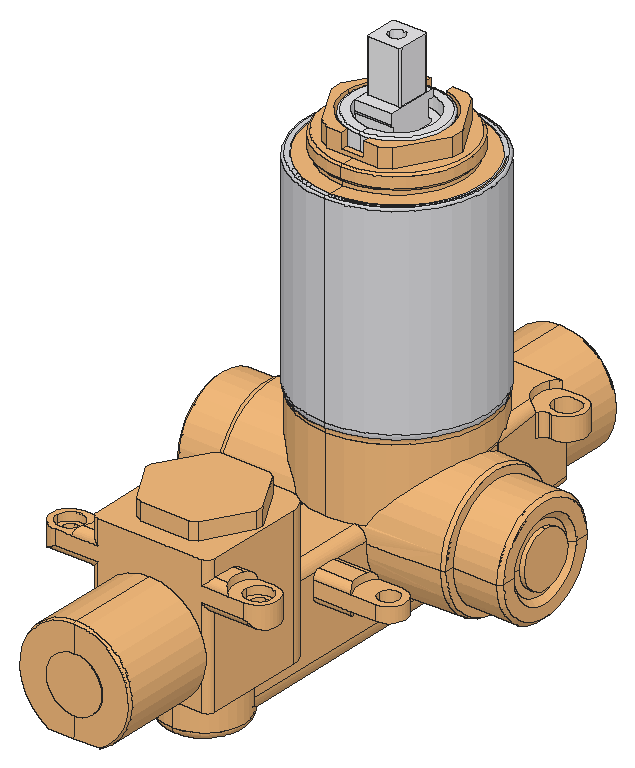
Revit family "Shower-Valve-KOHLER-Aqua_Turbo-K-880IN", category Plumbing Fixtures, host Face, Revit 2017
Family settings
  Host = Face
  Round Connector Dimension = Use Diameter
  Part Type = Normal
  OmniClass Number = 23.31.17.00
  OmniClass Title = Showers
  Cut with Voids When Loaded = No
  Shared = No
  Room Calculation Point = No
Parameters (values of type "CP- Polished Chrome")
  Width = 3 119/256"  # constant formula
  WaterSense Certified = 1 = 0  # no
  Waste Water Outlet = "Waste Water Outlet"  # constant formula
  Waste Connection = 1 = 0  # no
  Vent Connection = 1 = 0  # no
  URL = "https://www.kohler.co.in/"
  Type = 1
  Tempered watet outlet 1 = "Tempered watet outlet 1"  # constant formula
  Tempered water outlet 2 = "Tempered water outlet 2"  # constant formula
  Product Page URL = "https://www.kohler.co.in/product-detail/880in?skuid=K-880IN-CP"
  Product Name = "Aqua Turbo\r\n"  # constant formula
  Product Documentation Link = "http://resources.kohler.com/plumbing/kohlerindia/pdf/880.pdf"
  Pressure = 0.00 psi
  Model = if(Type = 1, "K-880IN-CP", if(Type = 2, "K-880IN-RGD", if(Type = 3, "K-880IN-BN", if(Type = 4, "K-880IN-BV", if(Type = 5, "K-880IN-AF", if(Type = 6, "K-880A-AF", "NA"))))))  # "K-880IN-CP"
  Material = "Premium Metal construction"  # constant formula
  Master Format 2014 Name = "Residential Showers"  # constant formula
  Master Format 2014 = "22 42 23"  # constant formula
  Manufacturer Address = "Ambience Office Tower NH-8 Gurgaon / Gurugram Haryana , 122001"  # constant formula
  Manufacturer = "KOHLER Co."  # constant formula
  Length = 5 3/8"  # constant formula
  Hot Water Inlet = "Hot Water Inlet"  # constant formula
  Height = 6 127/256"  # constant formula
  HW Connection = 1 = 1  # yes
  Flow Rate = 0 GPM
  Finish = Kohler-Metal-CP-Polished_Chrome
  Environmental Product Declaration = ""
  Drain Included = 1 = 0  # no
  Description = "Single-Control recessed shower only valve"  # constant formula
  Default Elevation = 42"
  Declare Label = ""
  Date Modified = "09/11/2020"  # constant formula
  Date Created = "09/11/2020"  # constant formula
  Copyright = "Copyright KOHLER Co."  # constant formula
  Contact Us = "https://www.kohler.co.in/contact-us"
  Cold Water Inlet = "Cold Water Inlet"  # constant formula
  CW Connection = 1 = 1  # yes
  Assembly Code = "D2010700"
  ADA Compliant = 1 = 0  # no
Reference planes (in)
  plane 1 "Center (Front/Back)": y = 0
  plane 2: z = 0
  plane 3 "Center (Left/Right)": x = 0
  plane 4: y = 2.20472
  plane 5: x = -1.73242
  plane 6: x = 1.73242
  plane 7: y = -2.55906
  plane 8: y = -4.29137
  plane 9: z = -2.46017
  plane 10: z = 2.87506
  plane 11: z = -1.43655
  plane 12: z = -2.49994
  plane 13: y = -0.18513
Forms (in)
  Extrusion 1, void
    sketch origin (0, 0, 0) x (0, 1, 0) y (0, 0, 1)
      loop
        line (2.20472, -0.49213) -> (-4.29137, -0.49213) -> (-4.29137, -2.5) -> (2.20472, -2.5) -> (2.20472, -0.49213)
    from -1.73228 to 1.73228
  Revolve 2, void
    sketch origin (0, 0, 0) x (1, 0, 0) y (0, 0, 1)
      loop
        line (0, 0.99418) -> (-0.96471, 0.99418) -> (-0.96471, -0.50899) -> (0, -0.50899) -> (0, 0.99418)
      axis (0, 0.99418) -> (0, -0.50899)
    angle from 0 to 360
  Extrusion 3, void
    sketch origin (0, 0, 0) x (1, 0, 0) y (0, 1, 0)
      loop
        arc (0.58917, -2.5974) -> (0.59045, -2.55906) -> (0.58917, -2.52071) r 0.57429
        line (0.58917, -2.52071) -> (0.32773, -2.06788)
        arc (0.32773, -2.06788) -> (0.29315, -2.04658) -> (0.25728, -2.02756) r 0.6267
        line (0.25728, -2.02756) -> (-0.25755, -2.02756)
        arc (-0.25755, -2.02756) -> (-0.29343, -2.04658) -> (-0.328, -2.06788) r 0.6267
        line (-0.328, -2.06788) -> (-0.58944, -2.52071)
        arc (-0.58944, -2.52071) -> (-0.59072, -2.55906) -> (-0.58944, -2.5974) r 0.57429
        line (-0.58944, -2.5974) -> (-0.328, -3.05023)
        arc (-0.328, -3.05023) -> (-0.29358, -3.07179) -> (-0.25755, -3.09055) r 0.51277
        line (-0.25755, -3.09055) -> (0.25728, -3.09055)
        arc (0.25728, -3.09055) -> (0.2933, -3.07179) -> (0.32773, -3.05023) r 0.51277
        line (0.32773, -3.05023) -> (0.58917, -2.5974)
    from -0.49213 to -0.24256
  Extrusion 4, void
    sketch origin (0, 0, 0) x (1, 0, 0) y (0, 1, 0)
      loop
        circle (-0.0012, 0.00049) r 0.97882
    from -0.49213 to 12
Dimensions and locks (in)
  host face to Extrusion 1 sketch curve = 2 1/2"
  "Height": plane 8 to plane 4
  equal spacing: plane 5, plane 3 "Center (Left/Right)", plane 6
  "Width": plane 5 to plane 6
  locked: plane 11 to plane 9 at 1.02362
  locked: level to plane 12 at 2.49994
  "Length": plane 10 to plane 12
  locked: plane 1 "Center (Front/Back)" to plane 7 at 2.55906
  aligned and locked: plane 2 to host face
  aligned and locked: level to host face
  aligned and locked: plane 4 to nested 1
  aligned and locked: plane 5 to nested 1
  aligned and locked: plane 6 to nested 1
  aligned and locked: plane 7 to nested 1
  aligned and locked: plane 8 to nested 1
  aligned and locked: plane 9 to nested 1
  aligned and locked: plane 10 to nested 1
  aligned and locked: plane 11 to nested 1
  aligned and locked: plane 12 to nested 1
Automatic sketch dimensions
  host sketch curve to host sketch curve = 96"  (x2)
  Extrusion 1 sketch curve to plane 8 = 0"
  Extrusion 1 sketch curve to plane 4 = 0"
  Extrusion 1 sketch curve to level = 0.49213"
  Revolve 2 sketch curve to plane 3 "Center (Left/Right)" = 0"  (x2)
  Revolve 2 sketch curve to plane 5 = 0.76771"
  Revolve 2 sketch curve to level = 0.50899"
  level to Revolve 2 sketch curve = 0.99418"
  Revolve 2 sketch curve to Revolve 2 sketch curve = 0.24418"
  Revolve 2 sketch curve to Revolve 2 sketch curve = 2.25582"
  plane 7 to Extrusion 3 sketch curve = 0"  (x2)
  Extrusion 3 sketch curve to plane 7 = 0.03835"  (x2)
  Extrusion 3 sketch curve to plane 3 "Center (Left/Right)" = 0.58944"
  plane 7 to Extrusion 3 sketch curve = 0.03835"  (x2)
  Extrusion 3 sketch curve to plane 3 "Center (Left/Right)" = 0.328"  (x2)
  Extrusion 3 sketch curve to Extrusion 3 sketch curve = 0.07045"  (x4)
  Extrusion 3 sketch curve to plane 3 "Center (Left/Right)" = 0.03888"
  Extrusion 3 sketch curve to plane 3 "Center (Left/Right)" = 0.01814"
  Extrusion 3 sketch curve to plane 3 "Center (Left/Right)" = 0.01643"
  plane 3 "Center (Left/Right)" to Extrusion 3 sketch curve = 0.01616"
  plane 3 "Center (Left/Right)" to Extrusion 3 sketch curve = 0.01786"
  plane 3 "Center (Left/Right)" to Extrusion 3 sketch curve = 0.0386"
  plane 3 "Center (Left/Right)" to Extrusion 3 sketch curve = 0.25728"  (x2)
  Extrusion 3 sketch curve to Extrusion 3 sketch curve = 0.26144"
  plane 7 to Extrusion 3 sketch curve = 0.06769"  (x2)
  plane 7 to Extrusion 3 sketch curve = 0.49118"
  plane 7 to Extrusion 3 sketch curve = 0.03145"  (x2)
  Extrusion 3 sketch curve to plane 7 = 0.49118"
  Extrusion 4 sketch curve to plane 1 "Center (Front/Back)" = 0.00049"
  Extrusion 4 sketch curve to plane 3 "Center (Left/Right)" = 0.0012"
  radius of Extrusion 4 sketch curve = 0.97882"
Nested families (in)
  nested 1: "K-880IN" at (-0.00014, -4.29134, -1.43655) x (1, 0, 0) z (0, 1, 0), type "K-880IN"
Connectors (in)
  piping at (-0.00014, -4.29134, -1.43655), diameter 0.5, driven by "Flow Rate", driven by "HW Connection", driven by "Tempered water outlet 2"
    settings: on nested 1, index 2, connector inside diameter 24", connector length 0", flow factor 0, pipe flow 0 GPM, pressure drop 0.00 psi, fitting loss kfactor 0, connector angle 0.00°, fixture units 0, engagement length 0", angle of deflection 0.00°, flow configuration 0, flow direction 2, fitting loss method 0, system type 19, joint type 0, gender type 0, connector reference index -1, connector utility 1, adjustable connector no, is connector primary yes, connector description "Tempered water outlet 2"
  piping at (-0.00014, 2.20472, -1.43655), diameter 0.5, driven by "Flow Rate", driven by "Tempered watet outlet 1", driven by "HW Connection"
    settings: on nested 1, index 3, connector inside diameter 24", connector length 0", flow factor 0, pipe flow 0 GPM, pressure drop 0.00 psi, fitting loss kfactor 0, connector angle 0.00°, fixture units 0, engagement length 0", angle of deflection 0.00°, flow configuration 0, flow direction 2, fitting loss method 0, system type 19, joint type 0, gender type 0, connector reference index -1, connector utility 1, adjustable connector no, is connector primary no, connector description "Tempered watet outlet 1"
  piping at (-1.73242, -0.18526, -1.43655), diameter 0.5, driven by "Flow Rate", driven by "HW Connection", driven by "Hot Water Inlet"
    settings: on nested 1, index 4, connector inside diameter 24", connector length 0", flow factor 0, pipe flow 0 GPM, pressure drop 0.00 psi, fitting loss kfactor 0, connector angle 0.00°, fixture units 0, engagement length 0", angle of deflection 0.00°, flow configuration 0, flow direction 1, fitting loss method 0, system type 19, joint type 0, gender type 0, connector reference index -1, connector utility 1, adjustable connector no, is connector primary no, connector description "Hot Water Inlet"
  piping at (1.73215, -0.18526, -1.43655), diameter 0.5, driven by "Flow Rate", driven by "CW Connection", driven by "Cold Water Inlet"
    settings: on nested 1, index 5, connector inside diameter 24", connector length 0", flow factor 0, pipe flow 0 GPM, pressure drop 0.00 psi, fitting loss kfactor 0, connector angle 0.00°, fixture units 0, engagement length 0", angle of deflection 0.00°, flow configuration 0, flow direction 1, fitting loss method 0, system type 20, joint type 0, gender type 0, connector reference index -1, connector utility 1, adjustable connector no, is connector primary no, connector description "Cold Water Inlet"
Definition of nested family "K-880IN"
  Parameters (values of type "K-880IN")
    Material = none
    Default Elevation = 48"
  Reference planes (in)
    plane 1 "Center (Front/Back)": y = 0
    plane 2: z = 0
    plane 3 "Center (Left/Right)": x = 0
    plane 4: z = 6.49606
    plane 5: x = 1.73228
    plane 6: x = -1.73228
    plane 7: y = 1.02362
    plane 8 "2": z = 4.29134
    plane 9: z = 1.73228
    plane 10: z = 1.73228
    plane 11: y = -4.31057
    plane 12: z = 0
    plane 13: y = 1.06339
    plane 14: z = 4.09449
  Forms (in)
    Revolve 1, solid, detail levels medium+fine
      sketch origin (0, 0, 0) x (0, 1, 0) y (0, 0, 1)
        loop
          line (0, 6.43701) -> (-0.3588, 6.43701) -> (-0.41785, 6.49606) -> (-0.55549, 6.49606) -> (-0.59055, 6.461) -> (-0.59055, 5.55118) -> (-0.63166, 5.55118) -> (-0.63166, 3.67118) -> (0, 3.67118) -> (0, 6.43701)
        axis (0, 6.49606) -> (0, 3.67118)
      angle from 0 to 360
    Revolve 2, solid, material <- "Material", detail levels medium+fine
      sketch origin (0, 0, 0) x (0, 1, 0) y (0, 0, 1)
        loop
          line (-3.11447, 4.29134) -> (-0.98258, 4.29134) -> (-0.98258, 5.24601)
          arc (-0.98258, 5.24601) -> (-1.00849, 5.25341) -> (-1.03532, 5.25591) r 0.14554
          line (-1.03532, 5.25591) -> (-3.16592, 5.25591)
          arc (-3.16592, 5.25591) -> (-3.1819, 5.24929) -> (-3.18852, 5.23331) r 0.0226
          line (-3.18852, 5.23331) -> (-3.18852, 5.18682) -> (-3.11447, 5.18682) -> (-3.11447, 4.29134)
        axis (-3.18852, 4.29134) -> (-0.98258, 4.29134)
      angle from 0 to 360
    Extrusion 3, solid, detail levels medium+fine
      sketch origin (0, 0, 0) x (1, 0, 0) y (0, 0, 1)
        loop
          arc (0.64674, 4.23043) -> (0.64964, 4.29134) -> (0.64674, 4.35225) r 0.64125
          line (0.64674, 4.35225) -> (0.37612, 4.82098)
          arc (0.37612, 4.82098) -> (0.3248, 4.85392) -> (0.27062, 4.88189) r 0.64924
          line (0.27062, 4.88189) -> (-0.27062, 4.88189)
          arc (-0.27062, 4.88189) -> (-0.3248, 4.85392) -> (-0.37612, 4.82098) r 0.64924
          line (-0.37612, 4.82098) -> (-0.64674, 4.35225)
          arc (-0.64674, 4.35225) -> (-0.64964, 4.29134) -> (-0.64674, 4.23043) r 0.64125
          line (-0.64674, 4.23043) -> (-0.37612, 3.7617)
          arc (-0.37612, 3.7617) -> (-0.32479, 3.72878) -> (-0.27062, 3.70079) r 0.65421
          line (-0.27062, 3.70079) -> (0.27062, 3.70079)
          arc (0.27062, 3.70079) -> (0.32479, 3.72878) -> (0.37612, 3.7617) r 0.65421
          line (0.37612, 3.7617) -> (0.64674, 4.23043)
        loop
          circle (0, 4.29134) r 0.52877
      from 3.37521 to 3.59403
    Extrusion 4, void, detail levels medium+fine
      sketch origin (0, 0, 0) x (1, 0, 0) y (0, 0, 1)
        loop
          line (-0.11811, 4.91623) -> (-0.11811, 4.79455)
          arc (-0.11811, 4.79455) -> (0, 4.80942) -> (0.11811, 4.79455) r 0.47636
          line (0.11811, 4.79455) -> (0.11811, 4.91623) -> (-0.11811, 4.91623)
        loop
          line (-0.11811, 3.66645) -> (0.11811, 3.66645) -> (0.11811, 3.78813)
          arc (0.11811, 3.78813) -> (0, 3.77326) -> (-0.11811, 3.78813) r 0.47636
          line (-0.11811, 3.78813) -> (-0.11811, 3.66645)
      from 3.43655 to 3.85598
    Extrusion 5, solid, detail levels medium+fine
      sketch origin (0, 0, 0) x (0, 1, 0) y (0, 0, 1)
        loop
          line (-3.52753, 4.45669) -> (-3.68065, 4.45669) -> (-3.68065, 4.50007)
          arc (-3.68065, 4.50007) -> (-3.68639, 4.51394) -> (-3.70026, 4.51969) r 0.01962
          line (-3.70026, 4.51969) -> (-3.75939, 4.51969) -> (-3.75939, 3.97244) -> (-3.65112, 3.97244)
          arc (-3.65112, 3.97244) -> (-3.63574, 3.97964) -> (-3.63143, 3.99606) r 0.02001
          line (-3.63143, 3.99606) -> (-3.44192, 3.99606) -> (-3.44192, 4.49507) -> (-3.48339, 4.49507) -> (-3.52753, 4.45669)
      from -0.19685 to 0.19685
    Extrusion 6, solid, detail levels medium+fine
      sketch origin (0, 0, 0) x (1, 0, 0) y (0, 0, 1)
        loop
          arc (0.17717, 4.44882) -> (0.1714, 4.46274) -> (0.15748, 4.4685) r 0.01969
          line (0.15748, 4.4685) -> (-0.15718, 4.4685)
          arc (-0.15718, 4.4685) -> (-0.17131, 4.46265) -> (-0.17717, 4.44852) r 0.01999
          line (-0.17717, 4.44852) -> (-0.17717, 4.13386)
          arc (-0.17717, 4.13386) -> (-0.1714, 4.11994) -> (-0.15748, 4.11417) r 0.01969
          line (-0.15748, 4.11417) -> (0.15748, 4.11417)
          arc (0.15748, 4.11417) -> (0.1714, 4.11994) -> (0.17717, 4.13386) r 0.01969
          line (0.17717, 4.13386) -> (0.17717, 4.44882)
      from 3.75939 to 4.31057
    Revolve 7, solid, detail levels medium+fine
      sketch origin (0, 0, 0) x (1, 0, 0) y (0, 0, 1)
        loop
          line (-1.67323, 4.09449) -> (1.67323, 4.09449) -> (1.67323, 4.45374) -> (1.73228, 4.5128) -> (1.73228, 4.64564) -> (1.69289, 4.68504) -> (1.22047, 4.68504) -> (1.22047, 4.76876)
          arc (1.22047, 4.76876) -> (1.19905, 4.78049) -> (1.17511, 4.78528) r 0.08072
          arc (1.17511, 4.78528) -> (0.00002, 4.81196) -> (-1.17507, 4.78528) r 25.88884
          arc (-1.17507, 4.78528) -> (-1.19901, 4.78054) -> (-1.22047, 4.76894) r 0.08163
          line (-1.22047, 4.76894) -> (-1.22047, 4.68505) -> (-1.69288, 4.68505) -> (-1.73228, 4.64564) -> (-1.73228, 4.5128) -> (-1.67323, 4.45374) -> (-1.67323, 4.09449)
        axis (1.73228, 4.09449) -> (-1.73228, 4.09449)
      angle from 0 to 360
    Extrusion 8, solid, detail levels medium+fine
      sketch origin (0, 0, 0) x (1, 0, 0) y (0, 1, 0)
        loop
          arc (-0.19685, 1.02362) -> (-0.33604, 0.96597) -> (-0.3937, 0.82677) r 0.19685
          line (-0.3937, 0.82677) -> (-0.3937, -0.01923)
          arc (-0.3937, -0.01923) -> (-0.35911, -0.10275) -> (-0.27559, -0.13734) r 0.11811
          line (-0.27559, -0.13734) -> (0.27559, -0.13734)
          arc (0.27559, -0.13734) -> (0.35911, -0.10275) -> (0.3937, -0.01923) r 0.11811
          line (0.3937, -0.01923) -> (0.3937, 0.82677)
          arc (0.3937, 0.82677) -> (0.33604, 0.96597) -> (0.19685, 1.02362) r 0.19685
          line (0.19685, 1.02362) -> (-0.19685, 1.02362)
      from 1.77559 to 5.55118
    Extrusion 9, void
      sketch origin (0, 0, 0) x (0, 1, 0) y (0, 0, 1)
        loop
          arc (0.62992, 5.55118) -> (0.90831, 5.43587) -> (1.02362, 5.15748) r 0.3937
          line (1.02362, 5.15748) -> (1.02362, 5.55118) -> (0.62992, 5.55118)
      from -2.00851 to 3.20253
    SweptBlend 10, solid, detail levels medium+fine
      path origin (0, 0, 0) x (1, 0, 0) y (0, 0, 1)
        loop
          line (0, 5.49213) -> (0, 4.31102)
      profile origin (0, 0, 5.49213) x (0, -1, 0) y (1, 0, 0)
        loop
          arc (0.68852, -0.83632) -> (0.7442, -0.81326) -> (0.76726, -0.75758) r 0.07874
          line (0.76726, -0.75758) -> (0.76726, 0.75758)
          arc (0.76726, 0.75758) -> (0.7442, 0.81326) -> (0.68852, 0.83632) r 0.07874
          line (0.68852, 0.83632) -> (-0.13854, 0.83632)
          arc (-0.13854, 0.83632) -> (-0.19401, 0.81334) -> (-0.21699, 0.75787) r 0.07845
          line (-0.21699, 0.75787) -> (-0.21699, 0.64422)
          arc (-0.21699, 0.64422) -> (-0.23124, 0.59283) -> (-0.26992, 0.55612) r 0.09977
          line (-0.26992, 0.55612) -> (-0.26992, -0.55612)
          arc (-0.26992, -0.55612) -> (-0.23124, -0.59283) -> (-0.21699, -0.64422) r 0.09977
          line (-0.21699, -0.64422) -> (-0.21699, -0.75787)
          arc (-0.21699, -0.75787) -> (-0.19401, -0.81334) -> (-0.13854, -0.83632) r 0.07845
          line (-0.13854, -0.83632) -> (0.68852, -0.83632)
      end profile origin (0, 0, 4.31102) x (0, -1, 0) y (1, 0, 0)
        loop
          arc (0.64915, -0.94488) -> (0.73267, -0.91029) -> (0.76726, -0.82677) r 0.11811
          line (0.76726, -0.82677) -> (0.76726, 0.82677)
          arc (0.76726, 0.82677) -> (0.73267, 0.91029) -> (0.64915, 0.94488) r 0.11811
          line (0.64915, 0.94488) -> (-0.13825, 0.94488)
          arc (-0.13825, 0.94488) -> (-0.19393, 0.92182) -> (-0.21699, 0.86614) r 0.07874
          line (-0.21699, 0.86614) -> (-0.21699, 0.64422)
          arc (-0.21699, 0.64422) -> (-0.23118, 0.59305) -> (-0.2697, 0.5565) r 0.09934
          line (-0.2697, 0.5565) -> (-0.2697, 0) -> (-0.2697, -0.5565)
          arc (-0.2697, -0.5565) -> (-0.23118, -0.59305) -> (-0.21699, -0.64422) r 0.09934
          line (-0.21699, -0.64422) -> (-0.21699, -0.86614)
          arc (-0.21699, -0.86614) -> (-0.19393, -0.92182) -> (-0.13825, -0.94488) r 0.07874
          line (-0.13825, -0.94488) -> (0.64915, -0.94488)
    Extrusion 11, solid, detail levels medium+fine
      sketch origin (0, 0, 0) x (1, 0, 0) y (0, 0, 1)
        loop
          line (-0.68969, 5.49213) -> (-1.00394, 5.49213)
          arc (-1.00394, 5.49213) -> (-1.20079, 5.29528) -> (-1.00394, 5.09843) r 0.19685
          line (-1.00394, 5.09843) -> (-0.96554, 5.09843)
          arc (-0.96554, 5.09843) -> (-0.92359, 5.08637) -> (-0.89445, 5.05388) r 0.079
          arc (-0.89445, 5.05388) -> (-0.87191, 5.02875) -> (-0.83947, 5.01943) r 0.06109
          line (-0.83947, 5.01943) -> (-0.68969, 5.01943) -> (-0.68969, 5.49213)
        loop
          line (0.68969, 5.49213) -> (0.68969, 5.01943) -> (0.83994, 5.01943)
          arc (0.83994, 5.01943) -> (0.87143, 5.02573) -> (0.89263, 5.04984) r 0.05013
          arc (0.89263, 5.04984) -> (0.92173, 5.08517) -> (0.96554, 5.09843) r 0.079
          line (0.96554, 5.09843) -> (1.00394, 5.09843)
          arc (1.00394, 5.09843) -> (1.20079, 5.29528) -> (1.00394, 5.49213) r 0.19685
          line (1.00394, 5.49213) -> (0.68969, 5.49213)
        loop
          circle (-1.00394, 5.29528) r 0.08225
        loop
          circle (1.00394, 5.29528) r 0.08225
      from 0.4523 to 0.68852
    Extrusion 12, void, detail levels medium+fine
      sketch origin (0, 0, 0) x (1, 0, 0) y (0, 0, 1)
        loop
          arc (-0.71601, 5.41339) -> (-0.77351, 5.48258) -> (-0.86011, 5.50696) r 0.15146
          line (-0.86011, 5.50696) -> (-0.91287, 5.05121)
          arc (-0.91287, 5.05121) -> (-0.86223, 5.03378) -> (-0.81159, 5.05121) r 0.08228
          arc (-0.81159, 5.05121) -> (-0.7028, 5.2162) -> (-0.71601, 5.41339) r 0.30956
      from 0.68852 to 0.82632
    Extrusion 13, void, detail levels medium+fine
      sketch origin (0, 0, 0) x (-1, 0, 0) y (0, 0, -1)
        loop
          arc (-0.71601, -5.41339) -> (-0.7028, -5.2162) -> (-0.81159, -5.05121) r 0.30956
          arc (-0.81159, -5.05121) -> (-0.85275, -5.03433) -> (-0.89669, -5.04135) r 0.08228
          line (-0.89669, -5.04135) -> (-0.84285, -5.50645)
          arc (-0.84285, -5.50645) -> (-0.7664, -5.47767) -> (-0.71601, -5.41339) r 0.15146
      from 0.68852 to 0.82632
    Extrusion 14, void, detail levels medium+fine
      sketch origin (0, 0, 0) x (-1, 0, 0) y (0, 0, -1)
        loop
          circle (1.00362, -5.29501) r 0.14173
      from 0.5315 to 1.83025
    Extrusion 15, void, detail levels medium+fine
      sketch origin (0, 0, 0) x (1, 0, 0) y (0, 0, 1)
        loop
          circle (1.00362, 5.29501) r 0.14173
      from 0.5315 to 1.83025
    Extrusion 16, solid, detail levels medium+fine
      sketch origin (0, 0, 0) x (1, 0, 0) y (0, 0, 1)
        loop
          line (0.39349, 2.36221) -> (-0.39393, 2.36221)
          arc (-0.39393, 2.36221) -> (-0.5608, 2.29309) -> (-0.62992, 2.12621) r 0.23599
          line (-0.62992, 2.12621) -> (-0.62992, 1.08193)
          arc (-0.62992, 1.08193) -> (-0.60708, 1.02678) -> (-0.55193, 1.00394) r 0.07799
          line (-0.55193, 1.00394) -> (0.55193, 1.00394)
          arc (0.55193, 1.00394) -> (0.60708, 1.02678) -> (0.62992, 1.08193) r 0.07799
          line (0.62992, 1.08193) -> (0.62992, 2.12578)
          arc (0.62992, 2.12578) -> (0.56067, 2.29296) -> (0.39349, 2.36221) r 0.23643
      from -0.51227 to 0.94443
    Revolve 17, solid, detail levels medium+fine
      sketch origin (0, 0, 0) x (0, 1, 0) y (0, 0, 1)
        loop
          line (0.59101, 1.30906) -> (0.98471, 1.30906)
          arc (0.98471, 1.30906) -> (1.04039, 1.33212) -> (1.06345, 1.3878) r 0.07874
          line (1.06345, 1.3878) -> (1.06345, 1.73228) -> (0.51227, 1.73228) -> (0.51227, 1.23032)
          arc (0.51227, 1.23032) -> (0.53533, 1.286) -> (0.59101, 1.30906) r 0.07874
        axis (1.06345, 1.73228) -> (0.51227, 1.73228)
      angle from 0 to 360
    Extrusion 18, solid, detail levels medium+fine
      sketch origin (0, 0, 0) x (1, 0, 0) y (0, 0, 1)
        loop
          arc (0.32786, 2.22346) -> (0.29329, 2.24476) -> (0.25742, 2.26378) r 0.6267
          line (0.25742, 2.26378) -> (-0.25742, 2.26378)
          arc (-0.25742, 2.26378) -> (-0.29329, 2.24476) -> (-0.32786, 2.22346) r 0.6267
          line (-0.32786, 2.22346) -> (-0.5893, 1.77063)
          arc (-0.5893, 1.77063) -> (-0.59059, 1.73228) -> (-0.5893, 1.69393) r 0.57429
          line (-0.5893, 1.69393) -> (-0.32786, 1.24111)
          arc (-0.32786, 1.24111) -> (-0.29344, 1.21955) -> (-0.25742, 1.20079) r 0.51277
          line (-0.25742, 1.20079) -> (0.25742, 1.20079)
          arc (0.25742, 1.20079) -> (0.29344, 1.21955) -> (0.32786, 1.24111) r 0.51277
          line (0.32786, 1.24111) -> (0.5893, 1.69393)
          arc (0.5893, 1.69393) -> (0.59059, 1.73228) -> (0.5893, 1.77063) r 0.57429
          line (0.5893, 1.77063) -> (0.32786, 2.22346)
      from 0.94443 to 1.12159
    Revolve 19, solid, detail levels medium+fine
      sketch origin (0, 0.00735, 0) x (0, 1, 0) y (0, 0, 1)
        loop
          line (-0.00735, 1.09495) -> (-0.59744, 1.09495) -> (-0.59744, 0.03937)
          arc (-0.59744, 0.03937) -> (-0.59475, 0.01899) -> (-0.58689, 0) r 0.07874
          line (-0.58689, 0) -> (-0.00735, 0) -> (-0.00735, 1.09495)
        axis (-0.00735, 0) -> (-0.00735, 1.09495)
      angle from 0 to 360
    Extrusion 20, solid, detail levels medium+fine
      sketch origin (0, 0, 0) x (0, 1, 0) y (0, 0, 1)
        loop
          arc (0.04115, 3.0315) -> (-0.01546, 3.00805) -> (-0.03891, 2.95143) r 0.08006
          line (-0.03891, 2.95143) -> (-0.03891, 2.75591)
          arc (-0.03891, 2.75591) -> (-0.01585, 2.70023) -> (0.03983, 2.67717) r 0.07875
          line (0.03983, 2.67717) -> (0.19922, 2.67717)
          arc (0.19922, 2.67717) -> (0.25355, 2.69967) -> (0.27605, 2.75399) r 0.07682
          line (0.27605, 2.75399) -> (0.27605, 2.95419)
          arc (0.27605, 2.95419) -> (0.2534, 3.00885) -> (0.19874, 3.0315) r 0.07731
          line (0.19874, 3.0315) -> (0.04115, 3.0315)
      from 0.19685 to 0.87661
    Extrusion 21, void, detail levels medium+fine
      sketch origin (0, 0, 0) x (1, 0, 0) y (0, 0, 1)
        loop
          line (-0.80258, 3.0315) -> (-0.91954, 3.0315) -> (-0.91954, 2.67717) -> (-0.80258, 2.67717)
          arc (-0.80258, 2.67717) -> (-0.74738, 2.85433) -> (-0.80258, 3.0315) r 0.3119
      from -0.03983 to 0.289
    Extrusion 22, void, detail levels medium+fine
      sketch origin (0, 0.23989, 0) x (1, 0, 0) y (0, 0, -1)
        loop
          arc (-0.80258, -3.0315) -> (-0.74738, -2.85433) -> (-0.80258, -2.67717) r 0.3119
          line (-0.80258, -2.67717) -> (-0.91954, -2.67717) -> (-0.91954, -3.0315) -> (-0.80258, -3.0315)
      from -0.03983 to 0.289
    Extrusion 23, void, detail levels medium+fine
      sketch origin (0, 0, 0) x (-1, 0, 0) y (0, 0, -1)
        loop
          arc (-0.80258, -3.0315) -> (-0.74738, -2.85433) -> (-0.80258, -2.67717) r 0.3119
          line (-0.80258, -2.67717) -> (-0.91954, -2.67717) -> (-0.91954, -3.0315) -> (-0.80258, -3.0315)
      from -0.03983 to 0.289
    Extrusion 24, void, detail levels medium+fine
      sketch origin (0, 0.23989, 0) x (-1, 0, 0) y (0, 0, 1)
        loop
          line (-0.80258, 3.0315) -> (-0.91954, 3.0315) -> (-0.91954, 2.67717) -> (-0.80258, 2.67717)
          arc (-0.80258, 2.67717) -> (-0.74738, 2.85433) -> (-0.80258, 3.0315) r 0.3119
      from -0.03983 to 0.289
    Extrusion 25, solid, detail levels medium+fine
      sketch origin (0, 0, 0) x (0, 1, 0) y (0, 0, -1)
        loop
          line (0.04115, -3.0315) -> (0.19874, -3.0315)
          arc (0.19874, -3.0315) -> (0.2534, -3.00885) -> (0.27605, -2.95419) r 0.07731
          line (0.27605, -2.95419) -> (0.27605, -2.75399)
          arc (0.27605, -2.75399) -> (0.25355, -2.69967) -> (0.19922, -2.67717) r 0.07682
          line (0.19922, -2.67717) -> (0.03983, -2.67717)
          arc (0.03983, -2.67717) -> (-0.01585, -2.70023) -> (-0.03891, -2.75591) r 0.07875
          line (-0.03891, -2.75591) -> (-0.03891, -2.95143)
          arc (-0.03891, -2.95143) -> (-0.01546, -3.00805) -> (0.04115, -3.0315) r 0.08006
      from 0.19685 to 0.87661
    Extrusion 26, solid, detail levels medium+fine
      sketch origin (0, 0, 0) x (1, 0, 0) y (0, 0, 1)
        loop
          line (0.87661, 3.0315) -> (0.87661, 2.67717) -> (1.06299, 2.67717)
          arc (1.06299, 2.67717) -> (1.24016, 2.85433) -> (1.06299, 3.0315) r 0.17717
          line (1.06299, 3.0315) -> (0.87661, 3.0315)
        loop
          circle (1.06299, 2.85433) r 0.1066
      from -0.19731 to -0.03983
    Extrusion 27, solid, detail levels medium+fine
      sketch origin (0, 0, 0) x (-1, 0, 0) y (0, 0, -1)
        loop
          line (0.87661, -3.0315) -> (1.06299, -3.0315)
          arc (1.06299, -3.0315) -> (1.24016, -2.85433) -> (1.06299, -2.67717) r 0.17717
          line (1.06299, -2.67717) -> (0.87661, -2.67717) -> (0.87661, -3.0315)
        loop
          circle (1.06299, -2.85433) r 0.10825
      from -0.19731 to -0.03983
    Extrusion 28, solid, detail levels medium+fine
      sketch origin (0, 0, 0) x (0, 1, 0) y (0, 0, 1)
        loop
          arc (-0.68801, 1.39764) -> (-0.74477, 1.37413) -> (-0.76828, 1.31737) r 0.08027
          line (-0.76828, 1.31737) -> (-0.76828, 1.0825)
          arc (-0.76828, 1.0825) -> (-0.74527, 1.02695) -> (-0.68972, 1.00394) r 0.07856
          line (-0.68972, 1.00394) -> (-0.53104, 1.00394)
          arc (-0.53104, 1.00394) -> (-0.47536, 1.027) -> (-0.4523, 1.08268) r 0.07874
          line (-0.4523, 1.08268) -> (-0.4523, 1.31802)
          arc (-0.4523, 1.31802) -> (-0.47562, 1.37432) -> (-0.53192, 1.39764) r 0.07962
          line (-0.53192, 1.39764) -> (-0.68801, 1.39764)
      from 0.1377 to 1.22434
    Extrusion 29, void, detail levels medium+fine
      sketch origin (0, 0, 0) x (1, 0, 0) y (0, 0, 1)
        loop
          arc (0.82541, 1.39764) -> (0.74272, 1.20079) -> (0.82541, 1.00394) r 0.27565
          line (0.82541, 1.00394) -> (1.28403, 1.00394) -> (1.28403, 1.39764) -> (0.82541, 1.39764)
      from 0.68852 to 1.83025
    Extrusion 30, void
      sketch origin (0, 0, 0) x (1, 0, 0) y (0, 0, 1)
        loop
          arc (1.00394, 1.39764) -> (1.20079, 1.20079) -> (1.00394, 1.00394) r 0.19685
          line (1.00394, 1.00394) -> (1.29402, 1.00394) -> (1.29402, 1.39764) -> (1.00394, 1.39764)
      from 0 to 1.67277
    Extrusion 31, void
      sketch origin (0, 0, 0) x (1, 0, 0) y (0, 0, 1)
        loop
          circle (1.00272, 1.20016) r 0.14173
      from 0.60651 to 3.18852
    Extrusion 32, void
      sketch origin (0, 0, 0) x (1, 0, 0) y (0, 0, 1)
        loop
          circle (1.00387, 1.20072) r 0.08268
      from -1.60727 to 1.02111
    Extrusion 33, solid, detail levels medium+fine
      sketch origin (0, 0, 0) x (0, 1, 0) y (0, 0, -1)
        loop
          line (-0.68801, -1.39764) -> (-0.53192, -1.39764)
          arc (-0.53192, -1.39764) -> (-0.47562, -1.37432) -> (-0.4523, -1.31802) r 0.07962
          line (-0.4523, -1.31802) -> (-0.4523, -1.08268)
          arc (-0.4523, -1.08268) -> (-0.47536, -1.027) -> (-0.53104, -1.00394) r 0.07874
          line (-0.53104, -1.00394) -> (-0.68972, -1.00394)
          arc (-0.68972, -1.00394) -> (-0.74527, -1.02695) -> (-0.76828, -1.0825) r 0.07856
          line (-0.76828, -1.0825) -> (-0.76828, -1.31737)
          arc (-0.76828, -1.31737) -> (-0.74477, -1.37413) -> (-0.68801, -1.39764) r 0.08027
      from 0.1377 to 1.22434
    Extrusion 34, void, detail levels medium+fine
      sketch origin (0, 0, 0) x (-1, 0, 0) y (0, 0, -1)
        loop
          line (0.82541, -1.39764) -> (1.28403, -1.39764) -> (1.28403, -1.00394) -> (0.82541, -1.00394)
          arc (0.82541, -1.00394) -> (0.74272, -1.20079) -> (0.82541, -1.39764) r 0.27565
      from 0.68852 to 1.83025
    Extrusion 35, void
      sketch origin (0, 0, 0) x (-1, 0, 0) y (0, 0, -1)
        loop
          line (1.00394, -1.39764) -> (1.29402, -1.39764) -> (1.29402, -1.00394) -> (1.00394, -1.00394)
          arc (1.00394, -1.00394) -> (1.20079, -1.20079) -> (1.00394, -1.39764) r 0.19685
      from 0 to 1.67277
    Extrusion 36, void
      sketch origin (0, 0, 0) x (-1, 0, 0) y (0, 0, -1)
        loop
          circle (1.00272, -1.20016) r 0.14173
      from 0.60651 to 3.18852
    Extrusion 37, void
      sketch origin (0, 0, 0) x (-1, 0, 0) y (0, 0, -1)
        loop
          circle (1.00387, -1.20072) r 0.08268
      from -1.60727 to 1.02111
    Extrusion 38, void
      sketch origin (0, 0, 0) x (1, 0, 0) y (0, 0, 1)
        loop
          circle (-0.00106, 4.29183) r 0.08268
      from 2.40877 to 5.36699
    Extrusion 39, void
      sketch origin (0, 0, 0) x (1, 0, 0) y (0, 1, 0)
        loop
          line (0.32579, 0.51227) -> (0.32579, 0.61637) -> (-0.34239, 0.61637) -> (-0.34239, 0.51227) -> (0.32579, 0.51227)
      from 0 to 1.12205
    Revolve 40, solid, material <- "Material", detail levels coarse
      sketch origin (0, 0, 0) x (0, 1, 0) y (0, 0, 1)
        loop
          line (-3.75939, 4.29134) -> (0.12373, 4.29134) -> (0.12373, 5.25591) -> (-3.75939, 5.25591) -> (-3.75939, 4.29134)
        axis (-3.75939, 4.29134) -> (0.12373, 4.29134)
      angle from 0 to 360
    Extrusion 41, solid, detail levels coarse
      sketch origin (0, 0, 0) x (0, 1, 0) y (0, 0, 1)
        loop
          line (-3.75939, 4.4685) -> (-4.31057, 4.4685) -> (-4.31057, 4.11417) -> (-3.75939, 4.11417) -> (-3.75939, 4.4685)
      from -0.17717 to 0.17717
    Revolve 42, solid, detail levels coarse
      sketch origin (0, 0, 0) x (0, 1, 0) y (0, 0, 1)
        loop
          line (0, 6.49606) -> (0, 4.97249) -> (0.59055, 4.97249) -> (0.59055, 6.49606) -> (0, 6.49606)
        axis (0, 6.49606) -> (0, 4.97249)
      angle from 0 to 360
    Revolve 43, solid, detail levels coarse
      sketch origin (0, 0, 0) x (1, 0, 0) y (0, 0, 1)
        loop
          line (-1.73228, 4.09449) -> (1.73228, 4.09449) -> (1.73228, 4.78528) -> (-1.73228, 4.78528) -> (-1.73228, 4.09449)
        axis (-1.73228, 4.09449) -> (1.73228, 4.09449)
      angle from 0 to 360
    Extrusion 44, solid, detail levels coarse
      sketch origin (0, 0, 0) x (1, 0, 0) y (0, 1, 0)
        loop
          line (-1.20079, -0.68852) -> (1.22047, -0.68852) -> (1.22047, 0.27761) -> (-1.20079, 0.27761) -> (-1.20079, -0.68852)
      from 4.11417 to 5.49213
    Extrusion 45, solid, detail levels coarse
      sketch origin (0, 0, 0) x (0, 1, 0) y (0, 0, 1)
        loop
          line (-0.13734, 1.73228) -> (1.02362, 1.73228) -> (1.02362, 5.55118) -> (-0.13734, 5.55118) -> (-0.13734, 1.73228)
      from -0.3937 to 0.3937
    Extrusion 46, solid, detail levels coarse
      sketch origin (0, 0, 0) x (1, 0, 0) y (0, 0, 1)
        loop
          line (-0.62992, 1.00394) -> (0.62992, 1.00394) -> (0.62992, 2.36421) -> (-0.62992, 2.36421) -> (-0.62992, 1.00394)
      from -0.51227 to 0.94443
    Extrusion 47, solid, detail levels coarse
      sketch origin (0, 0, 0) x (1, 0, 0) y (0, 0, 1)
        loop
          line (-0.30459, 2.26378) -> (-0.61145, 1.73228) -> (-0.30459, 1.20079) -> (0.30459, 1.20079) -> (0.61145, 1.73228) -> (0.30459, 2.26378) -> (-0.30459, 2.26378)
      from 0.94443 to 1.12159
    Revolve 48, solid, detail levels coarse
      sketch origin (0, 0, 0) x (0, 1, 0) y (0, 0, 1)
        loop
          line (1.06339, 1.73228) -> (0.23753, 1.73228) -> (0.23753, 1.3058) -> (1.06339, 1.3058) -> (1.06339, 1.73228)
        axis (1.06339, 1.73228) -> (0.23753, 1.73228)
      angle from 0 to 360
    Revolve 49, solid, detail levels coarse
      sketch origin (0, 0, 0) x (0, 1, 0) y (0, 0, 1)
        loop
          line (0, 0) -> (0, 1.00394) -> (-0.59009, 1.00394) -> (-0.59009, 0) -> (0, 0)
        axis (0, 0) -> (0, 1.00394)
      angle from 0 to 360
    Extrusion 50, solid, detail levels coarse
      sketch origin (0, 0, 0) x (0, 1, 0) y (0, 0, 1)
        loop
          line (-0.4523, 1.39764) -> (-0.76828, 1.39764) -> (-0.76828, 1.00394) -> (-0.4523, 1.00394) -> (-0.4523, 1.39764)
        loop
          line (-0.03891, 3.0315) -> (-0.03891, 2.67717) -> (0.27605, 2.67717) -> (0.27605, 3.0315) -> (-0.03891, 3.0315)
      from -1.24898 to 1.24518
    Extrusion 51, solid
      sketch origin (0, 0, 0) x (1, 0, 0) y (0, 1, 0)
        loop
          circle (0, 0) r 0.29654
      from 0 to 0.35207
    Extrusion 52, solid
      sketch origin (0, 0, 0) x (1, 0, 0) y (0, 1, 0)
        loop
          circle (0, 0) r 0.34157
      from 5.91752 to 6.49606
    Extrusion 53, solid
      sketch origin (0, 0, 0) x (0, 1, 0) y (0, 0, 1)
        loop
          circle (0, 4.10608) r 0.28611
      from -1.73228 to 1.73228
    Revolve 54, solid, detail levels medium+fine
      sketch origin (0, 0, 0) x (0, 1, 0) y (0, 0, 1)
        loop
          line (-3.18852, 5.00984) -> (-3.22986, 5.00984) -> (-3.25943, 5.03941) -> (-3.37521, 5.03941) -> (-3.39718, 5.01744) -> (-3.39718, 4.29134) -> (-3.04403, 4.29134) -> (-3.04403, 5.20621) -> (-3.18852, 5.20621) -> (-3.18852, 5.00984)
        axis (-3.39718, 4.29134) -> (-3.04403, 4.29134)
      angle from 0 to 360
    Revolve 55, solid, detail levels medium+fine
      sketch origin (0, 0, 0) x (0, 1, 0) y (0, 0, 1)
        loop
          line (-0.01723, 4.29134) -> (-0.01723, 5.23623) -> (-0.93353, 5.23623)
          arc (-0.93353, 5.23623) -> (-0.95854, 5.2387) -> (-0.98258, 5.24601) r 0.12779
          line (-0.98258, 5.24601) -> (-0.98258, 4.29134) -> (-0.01723, 4.29134)
        axis (-0.98258, 4.29134) -> (-0.01723, 4.29134)
      angle from 0 to 360
    Revolve 56, solid, detail levels medium+fine
      sketch origin (0, 0, 0) x (0, 1, 0) y (0, 0, 1)
        loop
          arc (-3.57043, 4.79261) -> (-3.58712, 4.78569) -> (-3.59403, 4.76901) r 0.0236
          line (-3.59403, 4.76901) -> (-3.59403, 4.67946) -> (-3.45827, 4.67946) -> (-3.45827, 4.29134) -> (-3.39718, 4.29134) -> (-3.39718, 4.79261) -> (-3.57043, 4.79261)
        axis (-3.59403, 4.29134) -> (-3.39718, 4.29134)
      angle from 0 to 360
  Cuts and joins
    Extrusion 38 cuts Revolve 7
    Extrusion 9, Extrusion 38, Extrusion 39 cuts Extrusion 8
    Extrusion 12, Extrusion 13, Extrusion 14, Extrusion 15, Extrusion 38, Extrusion 39 cuts SweptBlend 10
    Extrusion 14, Extrusion 15, Extrusion 38, Extrusion 39 cuts Extrusion 11
    Extrusion 21, Extrusion 22, Extrusion 23, Extrusion 24, Extrusion 38, Extrusion 39 cuts Extrusion 20
    Extrusion 21, Extrusion 22, Extrusion 38, Extrusion 39 cuts Extrusion 25
    Extrusion 38, Extrusion 39 cuts Extrusion 26
    Extrusion 38, Extrusion 39 cuts Extrusion 27
    joined: Revolve 7, Extrusion 8, SweptBlend 10, Extrusion 11, Extrusion 20, Extrusion 25, Extrusion 26, Extrusion 27
    Extrusion 39 cuts Extrusion 16
    Extrusion 39 cuts Revolve 17
    Extrusion 39 cuts Extrusion 18
    Extrusion 39 cuts Revolve 19
    Extrusion 29, Extrusion 30, Extrusion 31, Extrusion 32, Extrusion 34, Extrusion 35, Extrusion 36, Extrusion 37, Extrusion 39 cuts Extrusion 28
    Extrusion 34, Extrusion 35, Extrusion 36, Extrusion 37, Extrusion 39 cuts Extrusion 33
    joined: Extrusion 16, Revolve 17, Extrusion 18, Revolve 19, Extrusion 28, Extrusion 33
    Extrusion 30, Extrusion 35 cuts Extrusion 50
    joined: Extrusion 44, Extrusion 45, Extrusion 46, Extrusion 47, Revolve 48, Revolve 49, Extrusion 50
    Extrusion 4, Extrusion 38 cuts Extrusion 3
    joined: Extrusion 3, Revolve 54
    Extrusion 38 cuts Extrusion 5
    Extrusion 38 cuts Extrusion 6
    joined: Extrusion 5, Extrusion 6
    Extrusion 4, Extrusion 38 cuts Revolve 2
    Extrusion 38 cuts Revolve 1
  Lines and regions (in)
    Masking region 1, detail levels medium+fine
      outline origin (0, 0, 0) x (1, 0, 0) y (0, 1, 0)
        loop
          line (0.00005, 1.06345) -> (-0.34438, 1.06345)
          arc (-0.34438, 1.06345) -> (-0.40013, 1.04035) -> (-0.42323, 0.9846) r 0.07885
          line (-0.42323, 0.9846) -> (-0.42323, 0.71358)
          arc (-0.42323, 0.71358) -> (-0.79939, 0.70486) -> (-1.1754, 0.69077) r 26.36747
          arc (-1.1754, 0.69077) -> (-1.19903, 0.68618) -> (-1.22047, 0.67491) r 0.08298
          line (-1.22047, 0.67491) -> (-1.22047, 0.59056) -> (-1.69288, 0.59056) -> (-1.73228, 0.55116) -> (-1.73228, 0) -> (-1.73228, -0.55116) -> (-1.69288, -0.59056) -> (-1.22047, -0.59056) -> (-1.22047, -0.67538)
          arc (-1.22047, -0.67538) -> (-1.19889, -0.68684) -> (-1.1749, -0.69151) r 0.08298
          arc (-1.1749, -0.69151) -> (-1.08672, -0.6953) -> (-0.99852, -0.69879) r 26.36747
          arc (-0.99852, -0.69879) -> (-0.96048, -0.71583) -> (-0.94489, -0.75449) r 0.05574
          line (-0.94489, -0.75449) -> (-0.94489, -0.93403)
          arc (-0.94489, -0.93403) -> (-0.94706, -0.95726) -> (-0.95351, -0.97969) r 0.12531
          arc (-0.95351, -0.97969) -> (-0.96178, -1.00849) -> (-0.96457, -1.03832) r 0.1609
          line (-0.96457, -1.03832) -> (-0.96457, -3.16861)
          arc (-0.96457, -3.16861) -> (-0.95874, -3.18269) -> (-0.94466, -3.18852) r 0.01991
          line (-0.94466, -3.18852) -> (-0.7185, -3.18852) -> (-0.7185, -3.22986) -> (-0.74807, -3.25943) -> (-0.74807, -3.37521) -> (-0.7261, -3.39718) -> (-0.64961, -3.39718) -> (-0.64961, -3.55466) -> (-0.58142, -3.59403) -> (-0.19685, -3.59403) -> (-0.19685, -3.75939) -> (-0.17717, -3.7875) -> (-0.17717, -4.28626) -> (-0.15748, -4.31057) -> (0.00005, -4.31057) -> (0.15748, -4.31057) -> (0.17717, -4.28626) -> (0.17717, -3.7875) -> (0.19685, -3.75939) -> (0.19685, -3.59403) -> (0.58142, -3.59403) -> (0.64961, -3.55466) -> (0.64961, -3.39718) -> (0.7261, -3.39718) -> (0.74807, -3.37521) -> (0.74807, -3.25943) -> (0.7185, -3.22986) -> (0.7185, -3.18852) -> (0.94466, -3.18852)
          arc (0.94466, -3.18852) -> (0.95874, -3.18269) -> (0.96457, -3.16861) r 0.01991
          line (0.96457, -3.16861) -> (0.96457, -1.03832)
          arc (0.96457, -1.03832) -> (0.96178, -1.00849) -> (0.95351, -0.97969) r 0.1609
          arc (0.95351, -0.97969) -> (0.94706, -0.95726) -> (0.94489, -0.93403) r 0.12531
          line (0.94489, -0.93403) -> (0.94489, -0.75482)
          arc (0.94489, -0.75482) -> (0.96057, -0.71592) -> (0.99885, -0.69878) r 0.05609
          arc (0.99885, -0.69878) -> (1.08688, -0.69529) -> (1.1749, -0.69151) r 26.36747
          arc (1.1749, -0.69151) -> (1.19889, -0.68684) -> (1.22047, -0.67538) r 0.08298
          line (1.22047, -0.67538) -> (1.22047, -0.59056) -> (1.69288, -0.59056) -> (1.73228, -0.55116) -> (1.73228, 0) -> (1.73228, 0.55116) -> (1.69288, 0.59056) -> (1.22047, 0.59056) -> (1.22047, 0.67491)
          arc (1.22047, 0.67491) -> (1.19903, 0.68618) -> (1.17525, 0.69078) r 0.08298
          arc (1.17525, 0.69078) -> (0.79939, 0.70486) -> (0.42323, 0.71358) r 26.36747
          line (0.42323, 0.71358) -> (0.42323, 0.9846)
          arc (0.42323, 0.9846) -> (0.40013, 1.04035) -> (0.34438, 1.06345) r 0.07885
          line (0.34438, 1.06345) -> (0.00005, 1.06345)
    Masking region 2
      outline origin (0, 0, 0) x (0, 1, 0) y (0, 0, 1)
        loop
          line (-4.31057, 4.4685) -> (-4.31057, 4.11417) -> (-3.75939, 4.11417) -> (-3.75939, 3.97244) -> (-3.65112, 3.97244)
          arc (-3.65112, 3.97244) -> (-3.63574, 3.97964) -> (-3.63143, 3.99606) r 0.02001
          line (-3.63143, 3.99606) -> (-3.59403, 3.99606) -> (-3.59403, 3.70079) -> (-3.39718, 3.70079) -> (-3.39718, 3.56524) -> (-3.37521, 3.54327) -> (-3.25943, 3.54327) -> (-3.22986, 3.57284) -> (-3.18852, 3.57284) -> (-3.18852, 3.35003)
          arc (-3.18852, 3.35003) -> (-3.18171, 3.33358) -> (-3.16526, 3.32677) r 0.02326
          line (-3.16526, 3.32677) -> (-1.0415, 3.32677)
          arc (-1.0415, 3.32677) -> (-1.01144, 3.32813) -> (-0.98258, 3.33666) r 0.12452
          arc (-0.98258, 3.33666) -> (-0.9412, 3.34677) -> (-0.89861, 3.34645) r 0.17293
          line (-0.89861, 3.34645) -> (-0.13734, 3.34645) -> (-0.13734, 2.36221) -> (-0.94443, 2.36221) -> (-0.94443, 2.26378) -> (-1.12159, 2.26378) -> (-1.12159, 1.20079) -> (-0.94443, 1.20079) -> (-0.94443, 1.00394) -> (-0.59009, 1.00394) -> (-0.59009, 0.03939)
          arc (-0.59009, 0.03939) -> (-0.58752, 0.01897) -> (-0.57954, 0) r 0.07567
          line (-0.57954, 0) -> (0.51227, 0) -> (0.51227, 1.23044)
          arc (0.51227, 1.23044) -> (0.53529, 1.28603) -> (0.59089, 1.30906) r 0.07862
          line (0.59089, 1.30906) -> (0.98459, 1.30906)
          arc (0.98459, 1.30906) -> (1.04043, 1.33352) -> (1.06339, 1.39001) r 0.08098
          line (1.06339, 1.39001) -> (1.06339, 2.07555)
          arc (1.06339, 2.07555) -> (1.05278, 2.1158) -> (1.02362, 2.14549) r 0.08114
          line (1.02362, 2.14549) -> (1.02362, 5.15748)
          arc (1.02362, 5.15748) -> (0.90831, 5.43587) -> (0.62992, 5.55118) r 0.3937
          line (0.62992, 5.55118) -> (0.59055, 5.55118) -> (0.59055, 6.461) -> (0.55549, 6.49606) -> (-0.55549, 6.49606) -> (-0.59055, 6.461) -> (-0.59055, 5.55118) -> (-0.63166, 5.55118) -> (-0.63166, 5.49213) -> (-0.76726, 5.49213) -> (-0.76726, 5.23623) -> (-0.89861, 5.23623)
          arc (-0.89861, 5.23623) -> (-0.9412, 5.23591) -> (-0.98258, 5.24601) r 0.17293
          arc (-0.98258, 5.24601) -> (-1.01144, 5.25455) -> (-1.0415, 5.25591) r 0.12452
          line (-1.0415, 5.25591) -> (-3.16526, 5.25591)
          arc (-3.16526, 5.25591) -> (-3.18171, 5.24909) -> (-3.18852, 5.23265) r 0.02326
          line (-3.18852, 5.23265) -> (-3.18852, 5.00984) -> (-3.22986, 5.00984) -> (-3.25943, 5.03941) -> (-3.37521, 5.03941) -> (-3.39718, 5.01744) -> (-3.39718, 4.88189) -> (-3.59403, 4.88189) -> (-3.59403, 4.45669) -> (-3.68065, 4.45669) -> (-3.68065, 4.50007)
          arc (-3.68065, 4.50007) -> (-3.68639, 4.51394) -> (-3.70026, 4.51969) r 0.01962
          line (-3.70026, 4.51969) -> (-3.75939, 4.51969) -> (-3.75939, 4.4685) -> (-4.31057, 4.4685)
    Masking region 3, detail levels medium+fine
      outline origin (0, 0, 0) x (1, 0, 0) y (0, 0, 1)
        loop
          circle (0, 4.29134) r 0.96457
    symbolic lines, detail levels medium+fine
      curve 1: arc (-0.19685, 1.02362, 0) -> (-0.33604, 0.96597, 0) -> (-0.3937, 0.82677, 0) r 0.19685
      curve 2: arc (0.3937, 0.82677, 0) -> (0.33604, 0.96597, 0) -> (0.19685, 1.02362, 0) r 0.19685
      curve 3: line (0.3937, 0.49395, 0) -> (0.3937, 0.82677, 0)
      curve 4: line (-0.3937, 0.82677, 0) -> (-0.3937, 0.49395, 0)
      curve 5: line (-0.19685, 1.02362, 0) -> (0.19685, 1.02362, 0)
      curve 6: line (-0.42321, 0.98471, 0) -> (-0.31435, 0.98471, 0)
      curve 7: line (0.42321, 0.98471, 0) -> (0.31435, 0.98471, 0)
      curve 8: line (-1.69288, 0.59056, 0) -> (-1.69288, -0.59056, 0)
      curve 9: line (-1.17511, 0.69078, 0) -> (-1.17511, -0.46842, 0)
      curve 10: circle (0, 0, 0) r 0.3588 normal (0, 0, 1)
      curve 11: circle (0, 0, 0) r 0.41785 normal (0, 0, 1)
      curve 12: circle (0, 0, 0) r 0.55549 normal (0, 0, 1)
      curve 13: circle (0, 0, 0) r 0.63166 normal (0, 0, 1)
      curve 14: line (1.17511, 0.69078, 0) -> (1.17511, -0.4523, 0)
      curve 15: line (-0.16587, -0.68852, 0) -> (-0.14794, -0.61409, 0)
      curve 16: arc (-0.16587, -0.68852, 0) -> (-0.61816, -0.34696, 0) -> (-0.67463, 0.21699, 0) r 0.70754
      curve 17: line (-0.96426, -1.03498, 0) -> (0.96422, -1.03498, 0)
      curve 18: line (1.20079, -0.68852, 0) -> (-1.20079, -0.68852, 0)
      curve 19: circle (0, 0, 0) r 0.59055 normal (0, 0, 1)
      curve 20: line (-1.22047, 0.59056, 0) -> (-1.22047, -0.59056, 0)
      curve 21: line (1.22047, 0.59056, 0) -> (1.22047, -0.59055, 0)
      curve 22: line (-0.95468, -0.98258, 0) -> (0.95433, -0.98258, 0)
      curve 23: line (-0.96178, -1.00849, 0) -> (0.96178, -1.00849, 0)
      curve 24: line (-0.96457, -3.16861, 0) -> (0.96457, -3.16861, 0)
      curve 25: line (-0.7185, -3.18852, 0) -> (0.7185, -3.18852, 0)
      curve 26: line (-0.7185, -3.22986, 0) -> (0.7185, -3.22986, 0)
      curve 27: line (0.74807, -3.25943, 0) -> (-0.74807, -3.25943, 0)
      curve 28: line (-0.74807, -3.37521, 0) -> (0.74807, -3.37521, 0)
      curve 29: line (-0.69004, -3.39718, 0) -> (0.64674, -3.39718, 0)
      curve 30: line (0.11811, -3.59403, 0) -> (0.11811, -3.43655, 0)
      curve 31: line (-0.11811, -3.43655, 0) -> (-0.11811, -3.59403, 0)
      curve 32: line (0.11811, -3.43655, 0) -> (-0.11811, -3.43655, 0)
      curve 33: line (-0.11811, -3.59403, 0) -> (-0.19685, -3.59403, 0)
      curve 34: line (0.11811, -3.59403, 0) -> (0.19685, -3.59403, 0)
      curve 35: line (-0.11811, -3.59403, 0) -> (0.11811, -3.59403, 0)
      curve 36: line (-0.19685, -3.75939, 0) -> (0.19685, -3.75939, 0)
      curve 37: line (-0.16732, -4.29088, 0) -> (-0.16732, -3.75939, 0)
      curve 38: line (0.16732, -3.75939, 0) -> (0.16732, -4.29088, 0)
      curve 39: line (0.16732, -4.29088, 0) -> (-0.16732, -4.29088, 0)
      curve 40: line (-0.15748, -3.59403, 0) -> (-0.15748, -3.68065, 0)
      curve 41: line (0.15748, -3.59403, 0) -> (0.15748, -3.68065, 0)
      curve 42: line (0.19685, -3.68065, 0) -> (-0.19685, -3.68065, 0)
      curve 43: line (-0.19685, -3.6708, 0) -> (0.19685, -3.6708, 0)
      curve 44: line (-0.19685, -3.69049, 0) -> (0.19685, -3.69049, 0)
      curve 45: line (-0.18701, -3.68065, 0) -> (-0.18701, -3.75939, 0)
      curve 46: line (0.18701, -3.68065, 0) -> (0.18701, -3.75939, 0)
      curve 47: line (-0.37612, -3.55466, 0) -> (-0.37612, -3.39718, 0)
      curve 48: line (-0.27062, -3.55466, 0) -> (-0.27062, -3.39718, 0)
      curve 49: line (-0.27062, -3.55466, 0) -> (-0.37612, -3.55466, 0)
      curve 50: arc (-0.27062, -3.55466, 0) -> (-0.19568, -3.57568, 0) -> (-0.11811, -3.58201, 0) r 0.40589
      curve 51: arc (-0.37612, -3.55466, 0) -> (-0.51143, -3.58478, 0) -> (-0.64674, -3.55466, 0) r 0.31898
      curve 52: line (-0.64674, -3.55466, 0) -> (-0.64674, -3.39718, 0)
      curve 53: line (0.37612, -3.55466, 0) -> (0.37612, -3.39718, 0)
      curve 54: line (0.27062, -3.55466, 0) -> (0.27062, -3.39718, 0)
      curve 55: line (0.27062, -3.55466, 0) -> (0.37612, -3.55466, 0)
      curve 56: arc (0.27062, -3.55466, 0) -> (0.19568, -3.57568, 0) -> (0.11811, -3.58201, 0) r 0.40589
      curve 57: arc (0.37612, -3.55466, 0) -> (0.51143, -3.58478, 0) -> (0.64674, -3.55466, 0) r 0.31898
      curve 58: line (0.64674, -3.55466, 0) -> (0.64674, -3.39718, 0)
      curve 59: line (-0.11811, -3.58201, 0) -> (0.11811, -3.58201, 0)
      curve 60: line (-0.19685, 1.02362, 0) -> (-0.19685, 0.62992, 0)
      curve 61: line (-0.19685, 0.62992, 0) -> (-0.17412, 0.60719, 0)
      curve 62: arc (-0.3937, 0.52512, 0) -> (0, 0.6615, 0) -> (0.3937, 0.52512, 0) r 0.63646
      curve 63: arc (-0.3937, 0.82677, 0) -> (-0.31421, 0.92273, 0) -> (-0.19685, 0.96461, 0) r 0.23521
      curve 64: line (-0.19685, 0.96461, 0) -> (0, 0.96461, 0)
      curve 65: arc (-0.42317, 0.7136, 0) -> (-0.40756, 0.71861, 0) -> (-0.3937, 0.72735, 0) r 0.06526
      curve 66: arc (-0.434, 0.70904, 0) -> (-0.46038, 0.6501, 0) -> (-0.47007, 0.58627, 0) r 0.23979
      curve 67: arc (-0.47007, 0.58627, 0) -> (-0.41927, 0.60306, 0) -> (-0.3937, 0.65006, 0) r 0.07271
      curve 68: line (-0.47007, 0.58627, 0) -> (-0.47007, 0.47446, 0)
      curve 69: line (0, -0.68852, 0) -> (0, -0.63166, 0)
      curve 70: line (-0.47007, 0.47446, 0) -> (-0.3937, 0.5268, 0)
      curve 71: arc (-0.47007, 0.47446, 0) -> (-0.56791, 0.38031, 0) -> (-0.64134, 0.26608, 0) r 0.58344
      curve 72: arc (-0.64134, 0.26608, 0) -> (-0.60918, 0.25466, 0) -> (-0.57552, 0.26033, 0) r 0.06794
      curve 73: arc (-0.64134, 0.26608, 0) -> (-0.64068, 0.24154, 0) -> (-0.64134, 0.21699, 0) r 0.45539
      curve 74: line (-0.64134, 0.26608, 0) -> (-0.81992, 0.26608, 0)
      curve 75: arc (-0.81992, 0.26608, 0) -> (-0.9255, 0.22538, 0) -> (-0.97643, 0.12434, 0) r 0.15727
      curve 76: arc (-0.97643, 0.12434, 0) -> (-0.93758, 0.12582, 0) -> (-0.90074, 0.13825, 0) r 0.13574
      curve 77: arc (-0.90074, 0.13825, 0) -> (-0.87983, 0.19424, 0) -> (-0.82456, 0.21699, 0) r 0.07472
      curve 78: line (-0.82456, 0.21699, 0) -> (-0.64134, 0.21699, 0)
      curve 79: arc (-0.57552, 0.26033, 0) -> (-0.60194, 0.2288, 0) -> (-0.64134, 0.21699, 0) r 0.07165
      curve 80: line (-0.90074, 0.13825, 0) -> (-0.90074, -0.44087, 0)
      curve 81: line (-0.97643, 0.12434, 0) -> (-0.97643, -0.4523, 0)
      curve 82: line (-0.93321, -0.4523, 0) -> (-1.13021, -0.4523, 0)
      curve 83: line (-0.83632, 0.21631, 0) -> (-0.83632, -0.5323, 0)
      curve 84: line (-0.90074, 0.13825, 0) -> (-0.69513, 0.13825, 0)
      curve 85: arc (-0.69513, 0.13825, 0) -> (-0.65531, 0.12942, 0) -> (-0.62294, 0.10459, 0) r 0.09425
      curve 86: line (-1.20079, -0.52288, 0) -> (-1.20079, -0.68852, 0)
      curve 87: arc (-1.13021, -0.4523, 0) -> (-1.18011, -0.47297, 0) -> (-1.20079, -0.52288, 0) r 0.07058
      curve 88: line (-1.20079, -0.5323, 0) -> (-0.83632, -0.5323, 0)
      curve 89: arc (-0.95629, -0.4523, 0) -> (-0.90101, -0.49935, 0) -> (-0.83632, -0.5323, 0) r 0.31096
      curve 90: arc (-0.83632, 0.21631, 0) -> (-0.86874, 0.18299, 0) -> (-0.88139, 0.13825, 0) r 0.0947
      curve 91: line (-0.88139, 0.13825, 0) -> (-0.88139, -0.40048, 0)
      curve 92: arc (-0.88139, -0.40048, 0) -> (-0.89656, -0.43712, 0) -> (-0.93321, -0.4523, 0) r 0.05182
      curve 93: arc (-0.83632, -0.5323, 0) -> (-0.86075, -0.46704, 0) -> (-0.88139, -0.40048, 0) r 1.21119
      curve 94: line (-1.00394, -0.4523, 0) -> (-1.00394, -0.68852, 0)
      curve 95: arc (0.19685, 1.02362, 0) -> (0.33604, 0.96597, 0) -> (0.3937, 0.82677, 0) r 0.19685
      curve 96: line (0.3937, 0.82677, 0) -> (0.3937, 0.49395, 0)
      curve 97: line (0.42321, 0.98471, 0) -> (0.31435, 0.98471, 0)
      curve 98: line (1.17511, 0.69078, 0) -> (1.17511, -0.46842, 0)
      curve 99: line (0.16587, -0.68852, 0) -> (0.14794, -0.61409, 0)
      curve 100: arc (0.16587, -0.68852, 0) -> (0.61816, -0.34696, 0) -> (0.67463, 0.21699, 0) r 0.70754
      curve 101: line (1.22047, 0.59056, 0) -> (1.22047, -0.59056, 0)
      curve 102: line (0.19685, 1.02362, 0) -> (0.19685, 0.62992, 0)
      curve 103: line (0.19685, 0.62992, 0) -> (0.17412, 0.60719, 0)
      curve 104: arc (0.3937, 0.82677, 0) -> (0.31421, 0.92273, 0) -> (0.19685, 0.96461, 0) r 0.23521
      curve 105: line (0.19685, 0.96461, 0) -> (0, 0.96461, 0)
      curve 106: arc (0.42323, 0.71358, 0) -> (0.40759, 0.7186, 0) -> (0.3937, 0.72735, 0) r 0.06526
      curve 107: arc (0.43119, 0.71345, 0) -> (0.45962, 0.65261, 0) -> (0.47007, 0.58627, 0) r 0.23979
      curve 108: arc (0.47007, 0.58627, 0) -> (0.41927, 0.60306, 0) -> (0.3937, 0.65006, 0) r 0.07271
      curve 109: line (0.47007, 0.58627, 0) -> (0.47007, 0.47446, 0)
      curve 110: line (0.47007, 0.47446, 0) -> (0.3937, 0.5268, 0)
      curve 111: arc (0.47007, 0.47446, 0) -> (0.56791, 0.38031, 0) -> (0.64134, 0.26608, 0) r 0.58344
      curve 112: arc (0.64134, 0.26608, 0) -> (0.60918, 0.25466, 0) -> (0.57552, 0.26033, 0) r 0.06794
      curve 113: arc (0.64134, 0.26608, 0) -> (0.64068, 0.24154, 0) -> (0.64134, 0.21699, 0) r 0.45539
      curve 114: line (0.64134, 0.26608, 0) -> (0.81992, 0.26608, 0)
      curve 115: arc (0.81992, 0.26608, 0) -> (0.9255, 0.22538, 0) -> (0.97643, 0.12434, 0) r 0.15727
      curve 116: arc (0.97643, 0.12434, 0) -> (0.93758, 0.12582, 0) -> (0.90074, 0.13825, 0) r 0.13574
      curve 117: arc (0.90074, 0.13825, 0) -> (0.87983, 0.19424, 0) -> (0.82456, 0.21699, 0) r 0.07472
      curve 118: line (0.82456, 0.21699, 0) -> (0.64134, 0.21699, 0)
      curve 119: arc (0.57552, 0.26033, 0) -> (0.60194, 0.2288, 0) -> (0.64134, 0.21699, 0) r 0.07165
      curve 120: line (0.90074, 0.13825, 0) -> (0.90074, -0.44087, 0)
      curve 121: line (0.97643, 0.12434, 0) -> (0.97643, -0.4523, 0)
      curve 122: line (0.93321, -0.4523, 0) -> (1.13021, -0.4523, 0)
      curve 123: line (0.83632, 0.21631, 0) -> (0.83632, -0.5323, 0)
      curve 124: line (0.90074, 0.13825, 0) -> (0.69513, 0.13825, 0)
      curve 125: arc (0.69513, 0.13825, 0) -> (0.65531, 0.12942, 0) -> (0.62294, 0.10459, 0) r 0.09425
      curve 126: line (1.20079, -0.52288, 0) -> (1.20079, -0.68852, 0)
      curve 127: arc (1.13021, -0.4523, 0) -> (1.18011, -0.47297, 0) -> (1.20079, -0.52288, 0) r 0.07058
      curve 128: line (1.20079, -0.5323, 0) -> (0.83632, -0.5323, 0)
      curve 129: arc (0.95629, -0.4523, 0) -> (0.90101, -0.49935, 0) -> (0.83632, -0.5323, 0) r 0.31096
      curve 130: arc (0.83632, 0.21631, 0) -> (0.86874, 0.18299, 0) -> (0.88139, 0.13825, 0) r 0.0947
      curve 131: line (0.88139, 0.13825, 0) -> (0.88139, -0.40048, 0)
